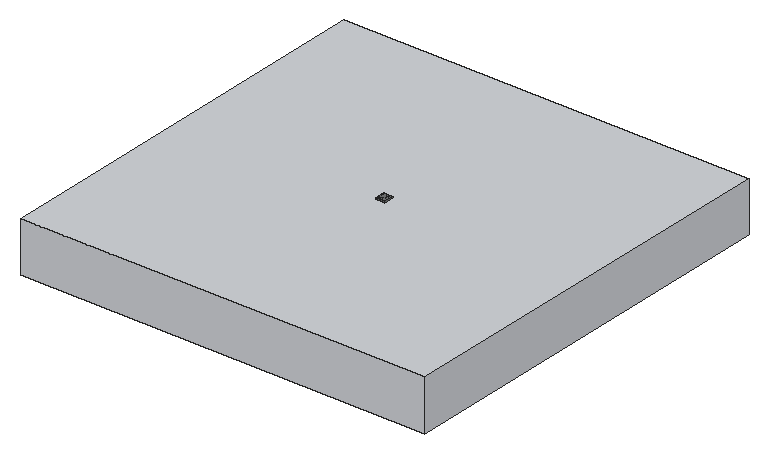
Revit family "Gira_220303", category Elektroinstallationen, Revit 2017
Family settings
  Basisbauteil = Fläche
  Beschriftungsausrichtung beibehalten = Nein
  Bemaßung runder Anschluss = Durchmesser verwenden
  Teiletyp = Normal
  Beim Laden mit Abzugskörper schneiden = Nein
  Gemeinsam genutzt = Nein
  Raumberechnungspunkt = Nein
Parameters (values of type "Rocker set 3-g in.sp. System 55 clear/p.white")
  With label area = no
  With heating = no
  With exchangeable lens/symbol = no
  With DCF77 = no
  Weather station = no
  Utilization = "Switch/push button"
  URL = "https://www.gira.de/"
  Typname = "Rocker set 3-g inscr. System 55 p.white(lac.)"
  Type of fastening = "Clamp mounting"
  Transparent = no
  Surface protection = "Other"
  Surface finishing = "Not applicable"
  Suitable for touch sensor connector for bus system = no
  Suitable for degree of protection (IP) = "IP20"
  Scannable symbol / barrier free = no
  RAL-number (akin) = 9010
  Productwebsite = "http://katalog.gira.de/en/datenblatt.html?artikelnr=220303"
  Other bus systems = "None"
  Number of channels = 3
  Mounting method = "Flush mounted (plaster)"
  Monitoring window/light outlet = yes
  Model = "Single rocker"
  Material quality = "Other"
  Material = "Other"
  Imprint/indication = "Without imprint"
  Hersteller = "Gira"
  Halogen free = yes
  HAN = "220303"
  GTIN = "4010337012443"
  Degree of protection (IP) = "IP20"
  Data sheet = "https://katalog.gira.de/en/download.html?artikelnr=220303"
  Colour = "White"
  Bus system radio frequent = no
  Bus system Powernet = no
  Bus system LON = no
  Bus system KNX radio = no
  Bus system KNX = yes
  Bus connection included = no
  Beschreibung = "Rock.set 3g insc. Sys55 PWl,Rocker set, 3-gang inscribable,System 55,pure white glossy (lacquered),Notes :,- Inscribable rocker sets and rocker sets with inscription space can be provided with a customised inscription. The order is processed by the wholesaler specified during the rockers' order process.,- Inscribable rocker sets and rocker sets without inscription space are made of metal, which can lead to impairments to the range in wireless applications.,- This product can only be ordered via the Gira Inscription Service.,- Professional labelling with the Gira Inscription Service www.marking.gira.com."
  Keynote = ""
  Default Elevation = 1219.2 mm
  BIM = "https://media.stage.bim.site/public/gira/ad86d9f/Sys55_Abdeckung_Schalten%20und%20Tasten.rfa?public/gira/ad86d9f/Sys55_Abdeckung_Schalten und Tasten.rfa"
  Anthrazit [instance] = Anthrazit
  Analogue input = no
  Acoustic signal = yes
Types (2): name
  Rocker set 3-g in.sp. System 55 clear/p.white
  Sys55_Abdeckung_Schalten und Tasten
Reference planes
  plane 1 "Center (Front/Back)": y = 0
  plane 2: z = 0
  plane 3 "Center (Left/Right)": x = 0
Forms (mm)
  Extrusion 1, solid
    sketch origin (0, 0, 0) x (1, 0, 0) y (0, 1, 0)
      loop
        line (-1219.2, 1219.2) -> (-1219.2, -1219.2) -> (1219.2, -1219.2) -> (1219.2, 1219.2) -> (-1219.2, 1219.2)
    from 0 to -304.8
  Extrusion 2, solid, material "Anthrazit" <- "Anthrazit", detail levels fine
    sketch origin (0, 0, 0) x (1, 0, 0) y (0, 1, 0)
      loop
        line (-27.5, 27.5) -> (-27.5, -27.5) -> (27.5, -27.5) -> (27.5, 27.5) -> (-27.5, 27.5)
    from 0 to 8
  Extrusion 3, void
    sketch origin (0, 0, 0) x (1, 0, 0) y (0, 1, 0)
      loop
        line (26, 26) -> (-26, 26) -> (-26, -26) -> (26, -26) -> (26, 26)
    from 0 to 6
  Extrusion 4, solid, material "Anthrazit" <- "Anthrazit", detail levels medium
    sketch origin (0, 0, 0) x (1, 0, 0) y (0, 1, 0)
      loop
        line (-27.5, 27.5) -> (-27.5, -27.5) -> (27.5, -27.5) -> (27.5, 27.5) -> (-27.5, 27.5)
    from 0 to 8
  Extrusion 5, solid, material "Anthrazit" <- "Anthrazit", detail levels medium
    sketch origin (0, 0, 0) x (1, 0, 0) y (0, 1, 0)
      loop
        line (11, -17.5) -> (11, 17.5) -> (-11, 17.5) -> (-11, -17.5) -> (11, -17.5)
    from -6 to 6
  Extrusion 6, solid, material "Anthrazit" <- "Anthrazit", detail levels fine
    sketch origin (0, 0, 0) x (1, 0, 0) y (0, 1, 0)
      loop
        line (11, 17.5) -> (-11, 17.5) -> (-11, 16.5) -> (11, 16.5) -> (11, 17.5)
      loop
        line (-11, -16.5) -> (-11, -17.5) -> (11, -17.5) -> (11, -16.5) -> (-11, -16.5)
    from -4 to 6
  Extrusion 7, solid, material "Anthrazit" <- "Anthrazit", detail levels fine
    sketch origin (0, 0, 0) x (1, 0, 0) y (0, 1, 0)
      loop
        arc (5, 9.347) -> (0, 10.6) -> (-5, 9.347) r 10.6
        line (-5, 9.347) -> (-5, -9.347)
        arc (-5, -9.347) -> (0, -10.6) -> (5, -9.347) r 10.6
        line (5, -9.347) -> (5, 9.347)
    from -6 to 6
  Extrusion 8, solid, material "Anthrazit" <- "Anthrazit", detail levels coarse
    sketch origin (0, 0, 0) x (1, 0, 0) y (0, 1, 0)
      loop
        line (-27.5, 27.5) -> (-27.5, -27.5) -> (27.5, -27.5) -> (27.5, 27.5) -> (-27.5, 27.5)
    from -6 to 8
Cuts and joins
  Extrusion 3 cuts Extrusion 2
Dimensions and locks
  aligned and locked: plane 2 to Extrusion 1
  aligned and locked: level to Extrusion 1
